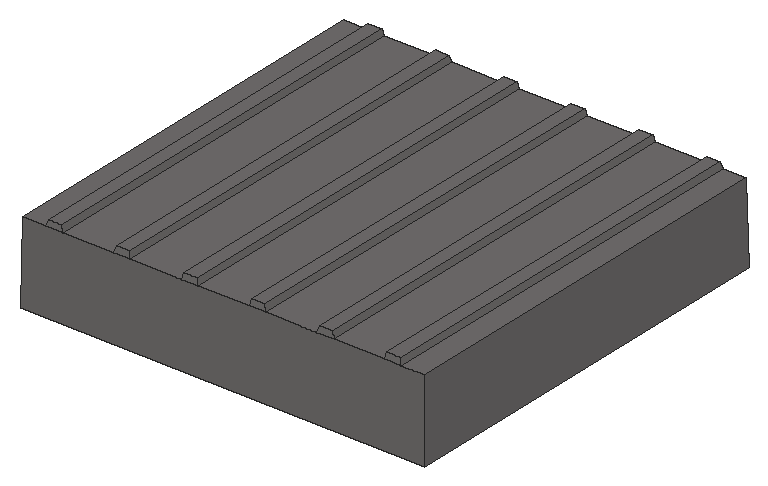
Revit family "Bodenindikator AR 50-10", category Allgemeines Modell, Revit 2016
Family settings
  Teiletyp = Normal
  Kann Basisbauteil für Bewehrung sein = Nein
  Bemaßung runder Anschluss = Durchmesser verwenden
  Arbeitsebenenbasiert = Nein
  Immer vertikal = Ja
  Beim Laden mit Abzugskörper schneiden = Nein
  Gemeinsam genutzt = Nein
  Raumberechnungspunkt = Nein
Parameters (values of type "AR 50-10 - 300/300/64,5 Anthrazit")
  www = "www.Betonsteinwerk-Knapp.de"
  Steindicke = ""
  Rastermaß L/ B in mm = "300/300"
  RIL = "813.02.01"
  R-Wert  nach DIN 51130 = "R11"
  Produzent = "IKM Betonsteinwerk Knapp & Co GmbH, Muggensturm"
  Produktname = "AR 50-10"
  Produktionsnorm = "DIN V 18500"
  Produktfamilie = "Bodenindikator"
  Oberflächenausbildung = "Trapezprofil"
  Norm = "DIN 32984"
  Materialität = Nr. 469 Anthrazit
  Material = "Hochleistungsfaserbeton"
  LRV-Wert = "3,97"
  Manufacturer = ""
  Gewicht/St = "12.2"
  GTIN - Nummer = "4060851017011"
  Frost- und Tausalzwiderstand (CDF) in g/m² im Mittel = "231"
  Fasenausbildung = "Minifase"
  Farbausführung = "Nr. 469 Anthrazit mit Oberflächenvergütung"
  Email = "Info@Betonsteinwerk-knapp.de"
  Auftrittsfläche = "Rändelstruktur"
  Artikelnummer = "5-305108-469-90"
  80.45 = no
  64.5 = yes
Types (4, lengths in mm): name | R-Wert  nach DIN 51130 | Materialität | LRV-Wert | Gewicht/St | GTIN - Nummer | Frost- und Tausalzwiderstand (CDF) in g/m² im Mittel | Farbausführung | Artikelnummer | 80.45 | 64.5
  AR 50-10 - 300/300/64,5 Weiß | "R12" | Nr. 470 Weiß | "53,06" | "12.2" | "4060851017004" | "430" | "Nr. 470 Weiß" | "5-305108-470-00" | no | yes
  AR 50-10 - 300/300/80,45 Weiß | "R12" | Nr. 470 Weiß | "53,06" | "16,6" | "4060851017004" | "430" | "Nr. 470 Weiß" | "5-305108-470-00" | yes | no
  AR 50-10 - 300/300/80,45 Anthrazit | "R11" | Nr. 469 Anthrazit | "3,97" | "16,6" | "4060851017011" | "231" | "Nr. 469 Anthrazit mit Oberflächenvergütung" | "5-305108-469-90" | yes | no
  AR 50-10 - 300/300/64,5 Anthrazit | "R11" | Nr. 469 Anthrazit | "3,97" | "12.2" | "4060851017011" | "231" | "Nr. 469 Anthrazit mit Oberflächenvergütung" | "5-305108-469-90" | no | yes
Reference planes
  plane 1 "Mitte (Vorne/Hinten)": y = 0
  plane 2: z = 0
  plane 3 "Mitte (Links/Rechts)": x = 0
Forms (mm)
  Extrusion 1, solid, material "Nr. 469 Anthrazit" <- "Materialität", visible <- "80.45", detail levels medium+fine
    sketch origin (0, 0, 0) x (1, 0, 0) y (0, 0, 1)
      loop
        line (-298.62, 0) -> (0, 0) -> (-1.308, 80) -> (-18.31, 80) -> (-19.31, 84.5) -> (-29.31, 84.5) -> (-30.31, 80) -> (-68.31, 80) -> (-69.31, 84.5) -> (-79.31, 84.5) -> (-80.31, 80) -> (-118.31, 80) -> (-119.31, 84.5) -> (-129.31, 84.5) -> (-130.31, 80) -> (-168.31, 80) -> (-169.31, 84.5) -> (-179.31, 84.5) -> (-180.31, 80) -> (-218.31, 80) -> (-219.31, 84.5) -> (-229.31, 84.5) -> (-230.31, 80) -> (-268.31, 80) -> (-269.31, 84.5) -> (-279.31, 84.5) -> (-280.31, 80) -> (-297.312, 80) -> (-298.62, 0)
    from 0 to 298.6
  Extrusion 2, solid, material "Nr. 469 Anthrazit" <- "Materialität", visible <- "64.5", detail levels medium+fine
    sketch origin (0, 0, 0) x (1, 0, 0) y (0, 0, 1)
      loop
        line (-298.62, 0) -> (0, 0) -> (-0.981, 60) -> (-18.31, 60) -> (-19.31, 64.5) -> (-29.31, 64.5) -> (-30.31, 60) -> (-68.31, 60) -> (-69.31, 64.5) -> (-79.31, 64.5) -> (-80.31, 60) -> (-118.31, 60) -> (-119.31, 64.5) -> (-129.31, 64.5) -> (-130.31, 60) -> (-168.31, 60) -> (-169.31, 64.5) -> (-179.31, 64.5) -> (-180.31, 60) -> (-218.31, 60) -> (-219.31, 64.5) -> (-229.31, 64.5) -> (-230.31, 60) -> (-268.31, 60) -> (-269.31, 64.5) -> (-279.31, 64.5) -> (-280.31, 60) -> (-297.639, 60) -> (-298.62, 0)
    from 0 to 298.6
  Sweep 3, void
    path in 3D
      loop
        line (-18.31, -298.6, 80) -> (-280.31, -298.6, 80)
    profile "Fase : Fase" origin (-149.31, -298.6, 80) x (0, -1, 0) y (0, 0, 1)
      loop
        line (-1.3, 4.5) -> (-2.262, 4.5) -> (-1.3, 0) -> (0.2, 0) -> (0.2, 4.5) -> (-1.3, 4.5)
  Sweep 4, void
    path in 3D
      loop
        line (-280.31, 0, 80) -> (-18.31, 0, 80)
    profile "Fase : Fase" origin (-149.31, 0, 80) x (0, 1, 0) y (0, 0, 1)
      loop
        line (-1.3, 4.5) -> (-2.262, 4.5) -> (-1.3, 0) -> (0.2, 0) -> (0.2, 4.5) -> (-1.3, 4.5)
  Sweep 5, void
    path in 3D
      loop
        line (-18.31, -250, 60) -> (-280.31, -250, 60)
    profile "Fase : Fase" origin (-149.31, -250, 60) x (0, -1, 0) y (0, 0, 1)
      loop
        line (47.6, 4.5) -> (46.638, 4.5) -> (47.6, 0) -> (49.1, 0) -> (49.1, 4.5) -> (47.6, 4.5)
  Sweep 6, void
    path in 3D
      loop
        line (-280.31, 0, 60) -> (-18.31, 0, 60)
    profile "Fase : Fase" origin (-149.31, 0, 60) x (0, 1, 0) y (0, 0, 1)
      loop
        line (-0.975, 4.5) -> (-1.937, 4.5) -> (-0.975, 0) -> (0.525, 0) -> (0.525, 4.5) -> (-0.975, 4.5)
  Extrusion 7, void
    sketch origin (0, 0, 0) x (0, 1, 0) y (0, 0, 1)
      loop
        line (-298.6, 80) -> (-298.6, 0) -> (-297.3, 80) -> (-298.6, 80)
      loop
        line (0, 80) -> (-1.3, 80) -> (0, 0) -> (0, 80)
    from 0 to -298.62
  Extrusion 8, void
    sketch origin (0, 0, 0) x (0, 1, 0) y (0, 0, 1)
      loop
        line (-298.6, 60) -> (-298.6, 0) -> (-297.625, 60) -> (-298.6, 60)
      loop
        line (0, 60) -> (-0.975, 60) -> (0, 0) -> (0, 60)
    from 0 to -298.62
  Extrusion 9, solid, material "Nr. 469 Anthrazit" <- "Materialität", visible <- "80.45", detail levels coarse
    sketch origin (0, 0, 0) x (1, 0, 0) y (0, 1, 0)
      loop
        line (0, 0) -> (-298.62, 0) -> (-298.62, -298.6) -> (0, -298.6) -> (0, 0)
    from 0 to 84.5
  Extrusion 10, solid, material "Nr. 469 Anthrazit" <- "Materialität", visible <- "64.5", detail levels coarse
    sketch origin (0, 0, 0) x (1, 0, 0) y (0, 1, 0)
      loop
        line (0, 0) -> (-298.62, 0) -> (-298.62, -298.6) -> (0, -298.6) -> (0, 0)
    from 0 to 64.5
Cuts and joins
  Sweep 3, Sweep 4, Extrusion 7 cuts Extrusion 1
  Sweep 5, Sweep 6, Extrusion 8 cuts Extrusion 2
Lines and regions (mm)
  sketch lines
    curve 1: line (-18.31, -298.6, 80) -> (-280.31, -298.6, 80)
    curve 2: line (-280.31, 0, 80) -> (-18.31, 0, 80)
    curve 3: line (-18.31, -250, 60) -> (-280.31, -250, 60)
    curve 4: line (-280.31, 0, 60) -> (-18.31, 0, 60)
Dimensions and locks
  aligned and locked: level to plane 2
  aligned and locked: Extrusion 7 to Extrusion 1
